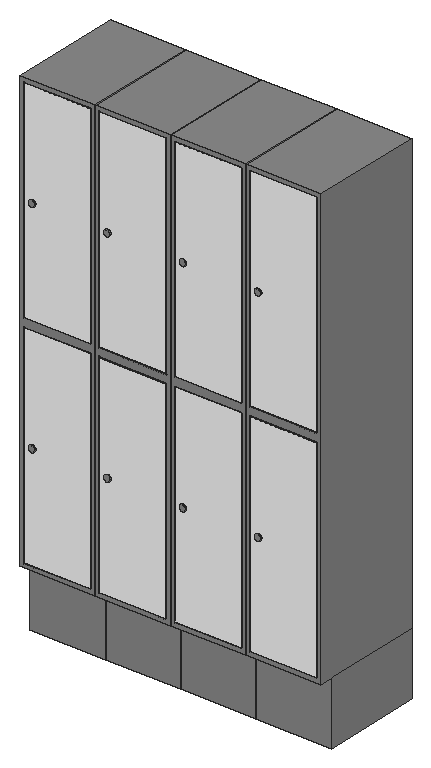
Revit family
Parameters
  Plinth Setback = 50 mm
  Plinth Height = 250 mm
  No of Lockers [instance] = 4
  Material Lockers = Paint - Grey
  Material Doors = Paint - White
  Lockers Depth = 450 mm
  Locker Width = 300 mm
  Locker Height = 1750 mm
  Keynote = "N"
Reference planes
  plane 1 "Center (Front/Back)": y = 0
  plane 2: z = 0
  plane 3 "Center (Left/Right)": x = 0
  plane 4: x = 300
Dimensions and locks
  "Locker Width": plane 4 to plane 3 "Center (Left/Right)"
  equal spacing: group 1, group 2, group 3, group 4  (x3)
  aligned and locked: plane 3 "Center (Left/Right)" to nested 1
  aligned and locked: plane 1 "Center (Front/Back)" to nested 1
  aligned and locked: plane 4 to nested 2
  aligned and locked: plane 1 "Center (Front/Back)" to nested 2
Nested families
  nested 1: "Lockers x 2" at (154.179, -600, 0), Width <- "Locker Width", Plinth Setback <- "Plinth Setback", Plinth Height <- "Plinth Height", Locker Height <- "Locker Height", Depth <- "Lockers Depth", type "Lockers x 2"
    with Width 300 mm, Plinth Setback 50 mm, Plinth Height 250 mm, Locker Height 1750 mm, Depth 450 mm
  nested 2: "Lockers x 2" at (454.179, -600, 0), Width <- "Locker Width", Plinth Setback <- "Plinth Setback", Plinth Height <- "Plinth Height", Locker Height <- "Locker Height", Depth <- "Lockers Depth", type "Lockers x 2"
    with Width 300 mm, Plinth Setback 50 mm, Plinth Height 250 mm, Locker Height 1750 mm, Depth 450 mm
  nested 3: "Lockers x 2" at (754.179, -600, 0), Width <- "Locker Width", Plinth Setback <- "Plinth Setback", Plinth Height <- "Plinth Height", Locker Height <- "Locker Height", Depth <- "Lockers Depth", type "Lockers x 2"
    with Width 300 mm, Plinth Setback 50 mm, Plinth Height 250 mm, Locker Height 1750 mm, Depth 450 mm
  nested 4: "Lockers x 2" at (1054.179, -600, 0), Width <- "Locker Width", Plinth Setback <- "Plinth Setback", Plinth Height <- "Plinth Height", Locker Height <- "Locker Height", Depth <- "Lockers Depth", type "Lockers x 2"
    with Width 300 mm, Plinth Setback 50 mm, Plinth Height 250 mm, Locker Height 1750 mm, Depth 450 mm
Definition of nested family "Lockers x 2"
  Parameters
    Width [instance] = 300 mm
    Vis Ironmongery = yes
    Plinth Setback [instance] = 50 mm
    Plinth Height [instance] = 250 mm
    Material Plinth = Paint - Grey
    Material Locker = Paint - Grey
    Material Door = Paint - White
    Locker Height [instance] = 1775 mm
    Keynote = "N"
    Depth [instance] = 450 mm
  Reference planes
    plane 1 "Center (Front/Back)": y = 150
    plane 2: z = 0
    plane 3 "Center (Left/Right)": x = -154.179
    plane 4: y = 600
    plane 5: x = -304.179
    plane 6: x = -4.179
    plane 7: z = 250
    plane 8: z = 2025
    plane 9: z = 2010
    plane 10: z = 265
    plane 11: x = -289.179
    plane 12: x = -19.179
    plane 13: z = 1152.5
    plane 14: z = 1137.5
    plane 15: z = 1122.5
    plane 16: x = -44.179
    plane 17: x = -94.179
  Forms (mm)
    Extrusion 1, solid, material "Paint - Grey" <- "Material Plinth"
      sketch origin (0, 0, 0) x (1, 0, 0) y (0, 1, 0)
        loop
          line (-304.179, 600) -> (-304.179, 200) -> (-4.179, 200) -> (-4.179, 600) -> (-304.179, 600)
      from 0 to 250
    Extrusion 2, solid, material "Paint - Grey" <- "Material Locker"
      sketch origin (-154.179, 0, 0) x (0, 1, 0) y (0, 0, 1)
        loop
          line (150, 2025) -> (150, 250) -> (600, 250) -> (600, 2025) -> (150, 2025)
      from -150 to 150
    Extrusion 3, void
      sketch origin (-4.179, 150, 2025) x (1, 0, 0) y (0, 0, -1)
        loop
          line (-285, 1760) -> (-285, 902.5) -> (-15, 902.5) -> (-15, 1760) -> (-285, 1760)
        loop
          line (-285, 872.5) -> (-285, 15) -> (-15, 15) -> (-15, 872.5) -> (-285, 872.5)
      from 0 to 435
    Extrusion 4, solid, material "Paint - White" <- "Material Door"
      sketch origin (-4.179, 150, 2025) x (-1, 0, 0) y (0, 0, -1)
        loop
          line (282, 18) -> (282, 869.5) -> (18, 869.5) -> (18, 18) -> (282, 18)
        loop
          line (282, 905.5) -> (282, 1757) -> (18, 1757) -> (18, 905.5) -> (282, 905.5)
      from -15 to 0
    Extrusion 5, solid, material "Paint - Grey", visible <- "Vis Ironmongery"
      sketch origin (0, 150, 0) x (1, 0, 0) y (0, 0, 1)
        loop
          circle (-254.555, 1581.25) r 12.5
        loop
          circle (-254.555, 693.75) r 12.5
      from 0 to 3
  Cuts and joins
    Extrusion 3 cuts Extrusion 1
    Extrusion 3 cuts Extrusion 2
  Lines and regions (mm)
    Masking region 1
      outline origin (0, 0, 0) x (1, 0, 0) y (0, 1, 0)
        loop
          line (-304.179, 600) -> (-304.179, 150) -> (-4.179, 150) -> (-4.179, 600) -> (-304.179, 600)
    model lines, style "InvisibleLines"
      curve 1: line (-154.179, 150, 2025) -> (-154.179, 600, 2025)
    symbolic lines
      curve 2: line (-304.179, 600, 0) -> (-4.179, 600, 0)
      curve 3: line (-304.179, 150, 0) -> (-304.179, 600, 0)
      curve 4: line (-4.179, 150, 0) -> (-304.179, 150, 0)
      curve 5: line (-4.179, 600, 0) -> (-4.179, 150, 0)
    symbolic lines, visible <- "Vis Ironmongery"
      curve 6: line (-267.055, 147, 0) -> (-242.055, 147, 0)
    symbolic lines, style "Hidden Lines", detail levels fine
      curve 7: line (-304.179, 200, 0) -> (-4.179, 200, 0)
  Dimensions and locks
    equal spacing: plane 5, plane 3 "Center (Left/Right)", plane 6
    "Width": plane 5 to plane 6
    "Depth": plane 1 "Center (Front/Back)" to plane 4
    "Locker Height": plane 8 to plane 7
    "Plinth Height": plane 7 to level
    locked: plane 8 to plane 9 at 15
    locked: plane 10 to plane 7 at 15
    locked: plane 5 to plane 11 at 15
    locked: plane 12 to plane 6 at 15
    equal spacing: plane 8, plane 14, plane 7
    equal spacing: plane 13, plane 14, plane 15, locked at 15 each
    locked: plane 11 to Extrusion 5 sketch curve at 34.624
    equal spacing: plane 8, Extrusion 5 sketch curve, plane 14
    plane 11 to Extrusion 5 sketch curve = 34.624 mm
    equal spacing: plane 14, Extrusion 5 sketch curve, plane 7
    locked: Extrusion 5 to plane 1 "Center (Front/Back)" at 3
    "Plinth Setback": plane 1 "Center (Front/Back)" to cut or joined group of Extrusion 1, Extrusion 3
    locked: plane 13 to plane 15 at 30
    aligned and locked: Extrusion 1 to plane 7
    aligned and locked: Extrusion 1 to level
    aligned and locked: Extrusion 2 sketch curve to curve 1
    aligned and locked: plane 5 to Extrusion 2
    aligned and locked: Extrusion 2 to plane 6
    aligned and locked: plane 13 to Extrusion 3 sketch curve
    aligned and locked: curve 6 to Extrusion 5
    aligned and locked: curve 7 to cut or joined group of Extrusion 1, Extrusion 3
    aligned: plane 4 to Masking region 1 sketch curve
    aligned: plane 6 to Masking region 1 sketch curve
  Automatic sketch dimensions
    Extrusion 1 sketch curve to plane 1 "Center (Front/Back)" = 50 mm
    Extrusion 1 sketch curve to plane 5 = 0 mm
    Extrusion 1 sketch curve to plane 6 = 0 mm
    Extrusion 1 sketch curve to plane 4 = 0 mm
    curve 1 to plane 1 "Center (Front/Back)" = 0 mm
    curve 1 to plane 4 = 0 mm
    curve 1 to plane 8 = 0 mm
    Extrusion 2 sketch curve to plane 1 "Center (Front/Back)" = 0 mm
    Extrusion 2 sketch curve to plane 4 = 0 mm
    Extrusion 2 sketch curve to plane 7 = 0 mm
    Extrusion 3 sketch curve to plane 10 = 0 mm
    Extrusion 3 sketch curve to plane 11 = 0 mm  (x2)
    Extrusion 3 sketch curve to plane 12 = 0 mm  (x2)
    Extrusion 3 sketch curve to plane 9 = 0 mm
    Extrusion 3 sketch curve to plane 15 = 0 mm
    Extrusion 4 sketch curve to plane 12 = 3 mm  (x2)
    Extrusion 4 sketch curve to plane 11 = 3 mm  (x2)
    plane 9 to Extrusion 4 sketch curve = 3 mm
    plane 15 to Extrusion 4 sketch curve = 3 mm
    Extrusion 4 sketch curve to plane 10 = 3 mm
    Extrusion 4 sketch curve to Extrusion 4 sketch curve = 36 mm
    curve 4 to plane 1 "Center (Front/Back)" = 0 mm
    curve 4 to plane 5 = 0 mm
    curve 4 to plane 6 = 0 mm
    curve 3 to plane 4 = 0 mm
    plane 1 "Center (Front/Back)" to curve 6 = 3 mm
    curve 6 to plane 11 = 22.124 mm
    curve 6 to curve 6 = 25 mm
    curve 4 to curve 7 = 50 mm
    Masking region 1 sketch curve to plane 1 "Center (Front/Back)" = 0 mm
    Masking region 1 sketch curve to plane 5 = 0 mm
    Masking region 1 sketch curve to plane 6 = 0 mm
    Masking region 1 sketch curve to plane 4 = 0 mm
    radius of Extrusion 5 sketch curve = 12.5 mm  (x2)
